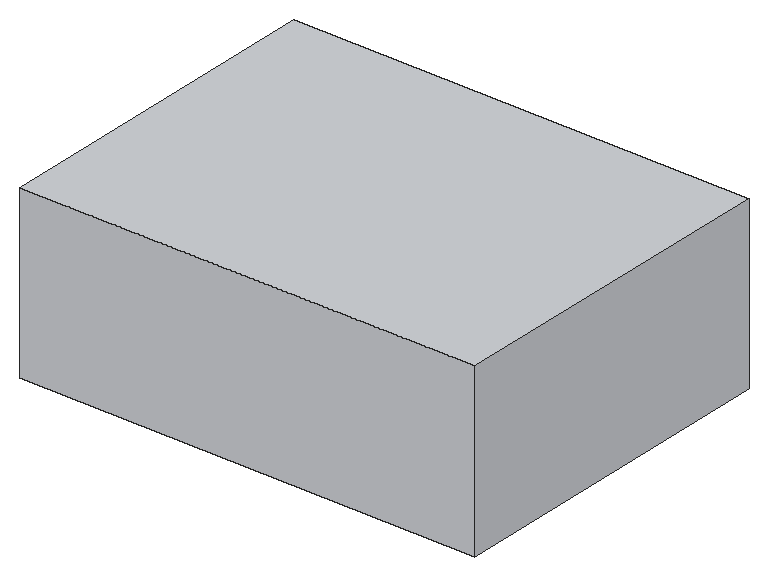
Revit family "c237009fb0f04b929838b0100bf35493", category Communication Devices, host Face, Revit 2021
Family settings
  Host = Face
  Maintain Annotation Orientation = Yes
  Round Connector Dimension = Use Diameter
  Part Type = Normal
  OmniClass Number = 23.85.30.14.34
  OmniClass Title = Door Bells, Buzzers
  Seek Item ID = Buzzer-0000-USA-ENU
  Cut with Voids When Loaded = No
  Shared = No
  Room Calculation Point = No
Parameters (values of type "Standard")
  Width = 0' - 4"
  Speaker Material = none
  Length = 0' - 3"
  Height = 0' - 1 1/2"
  Default Elevation = 4' - 0"
Reference planes (in)
  plane 1 "Center (Front/Back)": y = 0
  plane 2: z = 0
  plane 3 "Center (Left/Right)": x = 0
  plane 4: z = 1.5
  plane 5: x = -2
  plane 6: x = 2
  plane 7: y = -3
Forms (in)
  Extrusion 1, solid, material <- "Speaker Material"
    sketch origin (0.19097, 0, 0) x (1, 0, 0) y (0, 1, 0)
      loop
        line (-2.19097, 0) -> (-2.19097, -3) -> (1.80903, -3) -> (1.80903, 0) -> (-2.19097, 0)
    from 0 to 1.5
Lines and regions (in)
  symbolic lines, detail levels fine
    curve 1: line (-2, 0, 1.5) -> (-2, 0, 0)
    curve 2: line (2, 0, 1.5) -> (-2, 0, 1.5)
    curve 3: line (2, 0, 0) -> (2, 0, 1.5)
    curve 4: line (-2, 0, 0) -> (2, 0, 0)
Dimensions and locks (in)
  "Height": plane 4 to plane 2
  equal spacing: plane 5, plane 3 "Center (Left/Right)", plane 6
  "Width": plane 5 to plane 6
  "Length": plane 7 to plane 1 "Center (Front/Back)"
  aligned and locked: plane 2 to host face
  aligned and locked: level to host face
  aligned and locked: plane 1 "Center (Front/Back)" to Extrusion 1 sketch curve
  aligned and locked: plane 4 to Extrusion 1
  aligned and locked: Extrusion 1 to plane 5
  aligned and locked: plane 6 to Extrusion 1
  aligned and locked: Extrusion 1 to plane 7
  aligned and locked: curve 1 to Extrusion 1
  aligned and locked: curve 2 to Extrusion 1
  aligned and locked: curve 3 to Extrusion 1
  aligned and locked: curve 4 to Extrusion 1
  aligned and locked: plane 1 "Center (Front/Back)" to nested 1
  aligned and locked: plane 3 "Center (Left/Right)" to nested 1
Automatic sketch dimensions
  host sketch curve to host sketch curve = 8' - 0"  (x2)
  Extrusion 1 sketch curve to plane 3 "Center (Left/Right)" = 0' - 2"
  plane 3 "Center (Left/Right)" to Extrusion 1 sketch curve = 0' - 2"
  plane 1 "Center (Front/Back)" to Extrusion 1 sketch curve = 0' - 3"
Nested families (in)
  nested 1: "Buzzer Annotation" at (0, 0, 0), type "Buzzer Annotation", detail levels coarse+medium
Connectors (in)
  electrical at (0, 0, 0.75)
    settings: on Extrusion 1, index 1, voltage 0 V, apparent load 0 VA, apparent load phase1 0 VA, apparent load phase2 0 VA, apparent load phase3 0 VA, power factor 1, load classification "Other", number of poles 1, system type 14, power factor state 1, is connector primary yes, connector utility no, sub classification motor no, connector description ""
Definition of nested family "Buzzer Annotation"
  Parameters
    Label Annotation = ""
  Reference planes (in)
    plane 1: y = 0
    plane 2: x = 0
  Lines and regions (in)
    reference lines
      curve 1: line (-0.05469, 0.2277, 0) -> (-0.05469, -0.28638, 0)
      curve 2: line (0.05469, 0.29601, 0) -> (0.05469, -0.28638, 0)
      curve 3: line (-0.2699, 0.10938, 0) -> (0.35142, 0.10938, 0)
      curve 4: line (-0.37147, 0, 0) -> (0.37853, 0, 0)
    detail lines
      curve 5: line (-0.05469, 0.10938, 0) -> (0.05469, 0.10938, 0)
      curve 6: line (-0.05469, 0, 0) -> (-0.05469, 0.10938, 0)
      curve 7: line (0.05469, 0, 0) -> (-0.05469, 0, 0)
      curve 8: line (0.05469, 0.10938, 0) -> (0.05469, 0, 0)
      curve 9: line (-0.05469, 0.10938, 0) -> (0.02251, 0.18657, 0)
  Dimensions and locks (in)
    locked: curve 1 to plane 2 at 0.05469
    locked: plane 2 to curve 2 at 0.05469
    locked: curve 4 to curve 3 at 0.10938
    locked: curve 4 to plane 1
    curve 9 to curve 9 = 0' - 0.10917"
    angle curve 5 to curve 9 = 45.00°
    aligned and locked: curve 3 to curve 5
    aligned and locked: curve 6 to curve 1
    aligned and locked: curve 7 to curve 4
    aligned and locked: curve 2 to curve 8
